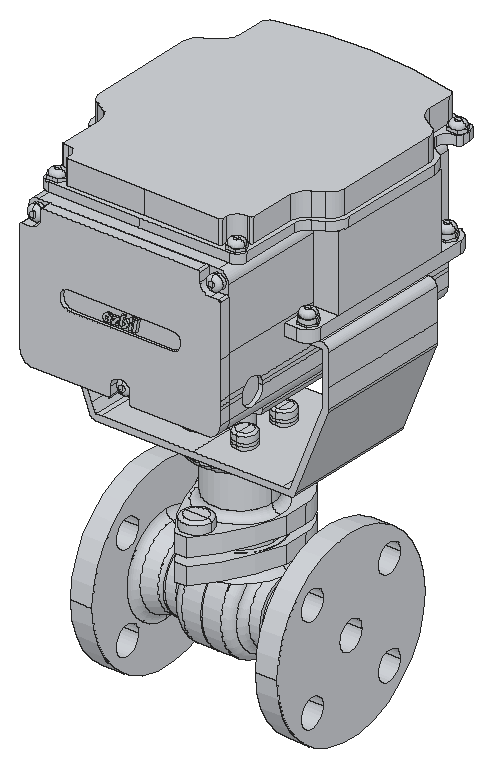
Revit family "電動二方弁_ver2019(ロゴあり)", category 電気設備, Revit 2019
Family settings
  丸型コネクタ寸法 = 直径を使用
  パーツ タイプ = 他のパネル
  OmniClass 番号 = 23.80.30.11.17
  OmniClass タイトル = Distribution Boards and Control Panels
  作業面ベース = いいえ
  常に垂直 = はい
  ロード時にボイドで切り取り = いいえ
  共有 = いいえ
  部屋計算ポイント = いいえ
Parameters
  配線φ(左側) [instance] = 14.031 mm
  配線φ(右側) [instance] = 14.031 mm
  配管φ [instance] = 95 mm
  配管2φ [instance] = 95 mm
  IfcObjectType = ""
  IfcName = ""
  IfcLongName = ""
  IfcExportType = ""
  IfcExportAs = ""
  IfcDescription = ""
Reference planes
  plane 1 "中心(正面/背面)": y = 0
  plane 2: z = 0
  plane 3 "中心(左/右)": x = 0
Forms (mm)
  Extrusion 1, solid
    sketch origin (0, 0, -77.064) x (0, 1, 0) y (0, 0, 1)
      loop
        circle (0, 124.5) r 47.5
    from 45.882 to 56.882
  Extrusion 2, void
    sketch origin (0, 0, -77) x (0, 1, 0) y (0, 0, 1)
      loop
        circle (-24.749, 149.249) r 7.5
    from 45.882 to 56.882
  Extrusion 3, void
    sketch origin (0, 49.497, -77) x (0, 1, 0) y (0, 0, 1)
      loop
        circle (-24.749, 149.249) r 7.5
    from 45.882 to 56.882
  Extrusion 4, void
    sketch origin (0, 0, -126.498) x (0, 1, 0) y (0, 0, 1)
      loop
        circle (-24.749, 149.249) r 7.5
    from 45.882 to 56.882
  Extrusion 5, void
    sketch origin (0, 49.497, -126.498) x (0, 1, 0) y (0, 0, 1)
      loop
        circle (-24.749, 149.249) r 7.5
    from 45.882 to 56.882
  Extrusion 6, void
    sketch origin (0, 24.749, -101.749) x (0, 1, 0) y (0, 0, 1)
      loop
        circle (-24.749, 149.249) r 7.5
    from 45.882 to 56.882
  Extrusion 7, solid
    sketch origin (-95, 0, -77.064) x (0, 1, 0) y (0, 0, 1)
      loop
        circle (0, 124.5) r 47.5
    from 45.882 to 56.882
  Extrusion 8, void
    sketch origin (-95, 0, -77) x (0, 1, 0) y (0, 0, 1)
      loop
        circle (-24.749, 149.249) r 7.5
    from 45.882 to 56.882
  Extrusion 9, solid
    sketch origin (0.118, 0, 0) x (1, 0, 0) y (0, 0, 1)
      loop
        line (-51.618, 196.3) -> (-51.618, 199.5) -> (-66.618, 199.5)
        arc (-66.618, 199.5) -> (-69.235, 198.416) -> (-70.318, 195.8) r 3.7
        line (-70.318, 195.8) -> (-70.318, 179.5) -> (-70.318, 169.594)
        arc (-70.318, 169.594) -> (-70.255, 168.913) -> (-70.068, 168.255) r 3.7
        line (-70.068, 168.255) -> (-53.226, 124.861)
        arc (-53.226, 124.861) -> (-51.866, 123.147) -> (-49.776, 122.5) r 3.7
        line (-49.776, 122.5) -> (49.539, 122.5)
        arc (49.539, 122.5) -> (51.629, 123.147) -> (52.989, 124.861) r 3.7
        line (52.989, 124.861) -> (69.831, 168.255)
        arc (69.831, 168.255) -> (70.018, 168.913) -> (70.082, 169.594) r 3.7
        line (70.082, 169.594) -> (70.082, 179.5) -> (70.082, 195.8)
        arc (70.082, 195.8) -> (68.998, 198.416) -> (66.382, 199.5) r 3.7
        line (66.382, 199.5) -> (51.182, 199.5) -> (51.182, 196.3) -> (66.382, 196.3)
        arc (66.382, 196.3) -> (66.735, 196.154) -> (66.882, 195.8) r 0.5
        line (66.882, 195.8) -> (66.882, 169.5) -> (64.355, 162.99) -> (49.882, 125.7) -> (46.449, 125.7) -> (-0.118, 125.7) -> (-46.686, 125.7) -> (-50.118, 125.7) -> (-51.928, 130.361) -> (-64.592, 162.99) -> (-67.118, 169.5) -> (-67.118, 195.8)
        arc (-67.118, 195.8) -> (-66.972, 196.154) -> (-66.618, 196.3) r 0.5
        line (-66.618, 196.3) -> (-51.618, 196.3)
    from -38.424 to 30.5
  Extrusion 10, solid
    sketch origin (0, -461.789, 0) x (1, 0, 0) y (0, 1, 0)
      loop
        arc (0, 545.194) -> (-22.618, 543.895) -> (-44.938, 540.014) r 197.5
        arc (-44.938, 540.014) -> (-47.717, 538.253) -> (-48.8, 535.145) r 5
        line (-48.8, 535.145) -> (-48.8, 522.279)
        arc (-48.8, 522.279) -> (-50.006, 517.779) -> (-53.3, 514.485) r 9
        line (-53.3, 514.485) -> (-58.8, 511.309)
        arc (-58.8, 511.309) -> (-61.728, 508.381) -> (-62.8, 504.381) r 8
        line (-62.8, 504.381) -> (-62.8, 450.408)
        arc (-62.8, 450.408) -> (-61.728, 446.408) -> (-58.8, 443.479) r 8
        line (-58.8, 443.479) -> (-53.3, 440.304)
        arc (-53.3, 440.304) -> (-50.006, 437.01) -> (-48.8, 432.51) r 9
        line (-48.8, 432.51) -> (-48.8, 409.394)
        arc (-48.8, 409.394) -> (-48.507, 408.687) -> (-47.8, 408.394) r 1
        line (-47.8, 408.394) -> (-46, 408.394)
        arc (-46, 408.394) -> (-41.757, 406.637) -> (-40, 402.394) r 6
        line (-40, 402.394) -> (-40, 400.594)
        arc (-40, 400.594) -> (-39.707, 399.887) -> (-39, 399.594) r 1
        line (-39, 399.594) -> (0, 399.594) -> (39, 399.594)
        arc (39, 399.594) -> (39.707, 399.887) -> (40, 400.594) r 1
        line (40, 400.594) -> (40, 402.394)
        arc (40, 402.394) -> (41.757, 406.637) -> (46, 408.394) r 6
        line (46, 408.394) -> (47.8, 408.394)
        arc (47.8, 408.394) -> (48.507, 408.687) -> (48.8, 409.394) r 1
        line (48.8, 409.394) -> (48.8, 432.51)
        arc (48.8, 432.51) -> (50.006, 437.01) -> (53.3, 440.304) r 9
        line (53.3, 440.304) -> (58.8, 443.479)
        arc (58.8, 443.479) -> (61.728, 446.408) -> (62.8, 450.408) r 8
        line (62.8, 450.408) -> (62.8, 504.381)
        arc (62.8, 504.381) -> (61.728, 508.381) -> (58.8, 511.309) r 8
        line (58.8, 511.309) -> (53.3, 514.485)
        arc (53.3, 514.485) -> (50.006, 517.779) -> (48.8, 522.279) r 9
        line (48.8, 522.279) -> (48.8, 535.145)
        arc (48.8, 535.145) -> (47.717, 538.253) -> (44.938, 540.014) r 5
        arc (44.938, 540.014) -> (22.618, 543.895) -> (0, 545.194) r 197.5
    from 248.5 to 260.5
  Extrusion 11, solid
    sketch origin (0, -461.789, 0) x (1, 0, 0) y (0, 1, 0)
      loop
        arc (0, 547.894) -> (-28.126, 545.907) -> (-55.692, 539.984) r 200
        arc (-55.692, 539.984) -> (-58.298, 538.185) -> (-59.3, 535.182) r 5
        line (-59.3, 535.182) -> (-59.3, 531.092)
        arc (-59.3, 531.092) -> (-58.732, 529.695) -> (-57.35, 529.092) r 2
        arc (-57.35, 529.092) -> (-53.205, 527.284) -> (-51.5, 523.094) r 6
        line (-51.5, 523.094) -> (-51.5, 522.106)
        arc (-51.5, 522.106) -> (-52.304, 519.106) -> (-54.5, 516.909) r 6
        line (-54.5, 516.909) -> (-60.5, 513.445)
        arc (-60.5, 513.445) -> (-64.16, 509.785) -> (-65.5, 504.785) r 10
        line (-65.5, 504.785) -> (-65.5, 450.003)
        arc (-65.5, 450.003) -> (-64.16, 445.003) -> (-60.5, 441.343) r 10
        line (-60.5, 441.343) -> (-55, 438.168)
        arc (-55, 438.168) -> (-52.438, 435.606) -> (-51.5, 432.106) r 7
        line (-51.5, 432.106) -> (-51.5, 401.894)
        arc (-51.5, 401.894) -> (-50.036, 398.359) -> (-46.5, 396.894) r 5
        line (-46.5, 396.894) -> (0, 396.894) -> (46.5, 396.894)
        arc (46.5, 396.894) -> (50.036, 398.359) -> (51.5, 401.894) r 5
        line (51.5, 401.894) -> (51.5, 432.106)
        arc (51.5, 432.106) -> (52.438, 435.606) -> (55, 438.168) r 7
        line (55, 438.168) -> (60.5, 441.343)
        arc (60.5, 441.343) -> (64.16, 445.003) -> (65.5, 450.003) r 10
        line (65.5, 450.003) -> (65.5, 504.785)
        arc (65.5, 504.785) -> (64.16, 509.785) -> (60.5, 513.445) r 10
        line (60.5, 513.445) -> (54.5, 516.909)
        arc (54.5, 516.909) -> (52.304, 519.106) -> (51.5, 522.106) r 6
        line (51.5, 522.106) -> (51.5, 523.094)
        arc (51.5, 523.094) -> (53.205, 527.284) -> (57.35, 529.092) r 6
        arc (57.35, 529.092) -> (58.732, 529.695) -> (59.3, 531.092) r 2
        line (59.3, 531.092) -> (59.3, 535.182)
        arc (59.3, 535.182) -> (58.298, 538.185) -> (55.692, 539.984) r 5
        arc (55.692, 539.984) -> (28.126, 545.907) -> (0, 547.894) r 200
    from 244 to 248.5
  Extrusion 12, solid
    sketch origin (0, -461.789, 0) x (1, 0, 0) y (0, 1, 0)
      loop
        circle (-58, 432.394) r 4.25
    from 206.5 to 208.5
  Extrusion 13, solid
    sketch origin (0, -461.789, 0) x (1, 0, 0) y (0, 1, 0)
      loop
        line (-60.454, 436.644) -> (-62.907, 432.394) -> (-60.454, 428.144) -> (-55.546, 428.144) -> (-53.093, 432.394) -> (-55.546, 436.644) -> (-58, 436.644) -> (-60.454, 436.644)
    from 205.5 to 206.5
  Revolve 14, solid, detail levels fine
    sketch origin (91.963, -59.403, 0) x (1, 0, 0) y (0, 0, 1)
      loop
        arc (-47.868, 252.7) -> (-49.481, 251.883) -> (-49.776, 250.1) r 2
        line (-49.776, 250.1) -> (-46.118, 250.1) -> (-46.118, 252.7) -> (-47.868, 252.7)
      axis (-46.118, 252.7) -> (-46.118, 250.1)
    angle from 0 to 360
  Revolve 15, solid
    sketch origin (-0.037, -59.403, 0) x (1, 0, 0) y (0, 0, 1)
      loop
        arc (-47.868, 252.7) -> (-49.481, 251.883) -> (-49.776, 250.1) r 2
        line (-49.776, 250.1) -> (-46.118, 250.1) -> (-46.118, 252.7) -> (-47.868, 252.7)
      axis (-46.118, 252.7) -> (-46.118, 250.1)
    angle from 0 to 360
  Extrusion 16, solid
    sketch origin (0.118, -20, 0) x (1, 0, 0) y (0, 0, 1)
      loop
        line (-46.13, 233.5) -> (-50.618, 233.5)
        arc (-50.618, 233.5) -> (-51.326, 233.207) -> (-51.618, 232.5) r 1
        line (-51.618, 232.5) -> (-51.618, 206.5) -> (-51.618, 187.2) -> (-51.618, 184.874) -> (-51.618, 182.778) -> (-51.618, 176)
        arc (-51.618, 176) -> (-49.568, 171.05) -> (-44.618, 169) r 7
        line (-44.618, 169) -> (-6.118, 169)
        arc (-6.118, 169) -> (-5.411, 169.293) -> (-5.118, 170) r 1
        line (-5.118, 170) -> (-5.118, 174.5)
        arc (-5.118, 174.5) -> (-3.654, 178.036) -> (-0.118, 179.5) r 5
        arc (-0.118, 179.5) -> (3.417, 178.036) -> (4.882, 174.5) r 5
        line (4.882, 174.5) -> (4.882, 170)
        arc (4.882, 170) -> (5.174, 169.293) -> (5.882, 169) r 1
        line (5.882, 169) -> (44.382, 169)
        arc (44.382, 169) -> (49.331, 171.05) -> (51.382, 176) r 7
        line (51.382, 176) -> (51.382, 182.778) -> (51.382, 184.874) -> (51.382, 187.2) -> (51.382, 206.5) -> (51.382, 232.5)
        arc (51.382, 232.5) -> (51.089, 233.207) -> (50.382, 233.5) r 1
        line (50.382, 233.5) -> (45.893, 233.5)
        arc (45.893, 233.5) -> (42.358, 234.965) -> (40.893, 238.5) r 5
        line (40.893, 238.5) -> (40.893, 243)
        arc (40.893, 243) -> (40.601, 243.707) -> (39.893, 244) r 1
        line (39.893, 244) -> (-40.13, 244)
        arc (-40.13, 244) -> (-40.838, 243.707) -> (-41.13, 243) r 1
        line (-41.13, 243) -> (-41.13, 238.5)
        arc (-41.13, 238.5) -> (-42.595, 234.965) -> (-46.13, 233.5) r 5
    from 51.5 to 57
  Extrusion 17, solid
    sketch origin (0, 0, 0) x (1, 0, 0) y (0, 0, 1)
      loop
        line (-13.607, 161) -> (-13.607, 139.5) -> (-0.118, 139.5) -> (13.607, 139.5) -> (13.607, 161) -> (-0.118, 161) -> (-13.607, 161)
    from -13.607 to 13.607
  Revolve 18, solid
    sketch origin (0, 0, 0) x (0, 1, 0) y (0, 0, 1)
      loop
        line (-6, 137.956) -> (-6.5, 137.09) -> (-6.5, 125.7) -> (0, 125.7) -> (0, 137.956) -> (-6, 137.956)
      axis (0, 137.956) -> (0, 125.7)
    angle from 0 to 360
  Revolve 19, solid
    sketch origin (-12.5, 0, 0) x (0, 1, 0) y (0, 0, 1)
      loop
        arc (-16.752, 132.9) -> (-17.541, 132.594) -> (-18.025, 131.9) r 1.452
        line (-18.025, 131.9) -> (-18.025, 128.9) -> (-12.5, 128.9) -> (-12.5, 132.9) -> (-16.752, 132.9)
      axis (-12.5, 132.9) -> (-12.5, 128.9)
    angle from 0 to 360
  Extrusion 20, solid, detail levels fine
    sketch origin (103.688, -491.798, 0) x (1, 0, 0) y (0, 1, 0)
      loop
        line (-60.731, 436.165) -> (-62.907, 432.394) -> (-60.775, 428.7) -> (-55.225, 428.7) -> (-53.093, 432.394) -> (-55.269, 436.165) -> (-58, 436.165) -> (-60.731, 436.165)
    from 248.5 to 250.1
  Extrusion 21, solid
    sketch origin (11.688, -491.798, 0) x (1, 0, 0) y (0, 1, 0)
      loop
        line (-60.731, 436.165) -> (-62.907, 432.394) -> (-60.775, 428.7) -> (-55.225, 428.7) -> (-53.093, 432.394) -> (-55.269, 436.165) -> (-58, 436.165) -> (-60.731, 436.165)
    from 248.5 to 250.1
  Extrusion 22, solid
    sketch origin (0, 0, 0) x (1, 0, 0) y (0, 0, 1)
      loop
        arc (51.382, 238.7) -> (49.829, 242.448) -> (46.082, 244) r 5.3
        line (46.082, 244) -> (-46.318, 244)
        arc (-46.318, 244) -> (-50.066, 242.448) -> (-51.618, 238.7) r 5.3
        line (-51.618, 238.7) -> (-51.618, 206.5) -> (-51.618, 187.2) -> (-51.618, 184.874) -> (-51.618, 182.778) -> (-51.618, 176)
        arc (-51.618, 176) -> (-49.568, 171.05) -> (-44.618, 169) r 7
        line (-44.618, 169) -> (-0.118, 169) -> (44.382, 169)
        arc (44.382, 169) -> (49.331, 171.05) -> (51.382, 176) r 7
        line (51.382, 176) -> (51.382, 182.778) -> (51.382, 184.874) -> (51.382, 187.2) -> (51.382, 206.5) -> (51.382, 238.7)
    from -69.008 to 71.5
  Extrusion 23, solid, detail levels medium+fine
    sketch origin (0, 0, 0) x (1, 0, 0) y (0, 0, 1)
      loop
        arc (-56.98, 162.726) -> (-58.567, 164.386) -> (-60.863, 164.437) r 3
        line (-60.863, 164.437) -> (-64.592, 162.99) -> (-51.928, 130.361) -> (-48.199, 131.809)
        arc (-48.199, 131.809) -> (-46.539, 133.395) -> (-46.487, 135.691) r 3
        line (-46.487, 135.691) -> (-56.98, 162.726)
    from -4.258 to 4.152
  Revolve 24, solid
    sketch origin (0, 0, 0) x (1, 0, 0) y (0, 0, 1)
      loop
        line (-27.754, 65.728) -> (-34.829, 68.303)
        arc (-34.829, 68.303) -> (-37.214, 70.133) -> (-38.118, 73.001) r 5
        line (-38.118, 73.001) -> (-38.118, 47.5) -> (-24.643, 47.5) -> (-24.643, 65.897)
        arc (-24.643, 65.897) -> (-26.18, 65.505) -> (-27.754, 65.728) r 4
      axis (-38.118, 47.5) -> (-24.643, 47.5)
    angle from 0 to 360
  Revolve 25, solid
    sketch origin (0, 0, 0) x (1, 0, 0) y (0, 0, 1)
      loop
        line (45.882, 47.5) -> (24.643, 47.5) -> (24.643, 30.5) -> (31.652, 30.5) -> (38.006, 30.5)
        arc (38.006, 30.5) -> (40.717, 30.126) -> (43.224, 29.03) r 10
        arc (43.224, 29.03) -> (45.166, 27.191) -> (45.882, 24.613) r 5
        line (45.882, 24.613) -> (45.882, 47.5)
      axis (24.643, 47.5) -> (45.882, 47.5)
    angle from 0 to 360
  Revolve 26, solid
    sketch origin (0, 0, 0) x (1, 0, 0) y (0, 0, 1)
      loop
        line (-24.643, 47.5) -> (-24.643, 29.5) -> (-18.893, 29.5)
        arc (-18.893, 29.5) -> (-16.399, 28.627) -> (-14.994, 26.389) r 4
        arc (-14.994, 26.389) -> (-13.237, 23.591) -> (-10.118, 22.5) r 5
        line (-10.118, 22.5) -> (0, 22.5) -> (0, 47.5) -> (-24.643, 47.5)
      axis (0, 47.5) -> (-24.643, 47.5)
    angle from 0 to 360
  Revolve 27, solid
    sketch origin (0, 0, 0) x (-1, 0, 0) y (0, 0, 1)
      loop
        line (-24.643, 47.5) -> (-24.643, 29.5) -> (-18.893, 29.5)
        arc (-18.893, 29.5) -> (-16.399, 28.627) -> (-14.994, 26.389) r 4
        arc (-14.994, 26.389) -> (-13.237, 23.591) -> (-10.118, 22.5) r 5
        line (-10.118, 22.5) -> (0, 22.5) -> (0, 47.5) -> (-24.643, 47.5)
      axis (0, 47.5) -> (-24.643, 47.5)
    angle from 0 to 360
  Revolve 28, solid
    sketch origin (-12.5, 0, 0) x (0, 1, 0) y (0, 0, 1)
      loop
        line (-18.025, 128.9) -> (-18.025, 127.3) -> (-18.025, 125.7) -> (-12.5, 125.7) -> (-12.5, 128.9) -> (-18.025, 128.9)
      axis (-12.5, 128.9) -> (-12.5, 125.7)
    angle from 0 to 360
  Revolve 29, solid
    sketch origin (-12.5, 25, 0) x (0, 1, 0) y (0, 0, 1)
      loop
        arc (-16.752, 132.9) -> (-17.541, 132.594) -> (-18.025, 131.9) r 1.452
        line (-18.025, 131.9) -> (-18.025, 128.9) -> (-12.5, 128.9) -> (-12.5, 132.9) -> (-16.752, 132.9)
      axis (-12.5, 132.9) -> (-12.5, 128.9)
    angle from 0 to 360
  Revolve 30, solid
    sketch origin (-12.5, 25, 0) x (0, 1, 0) y (0, 0, 1)
      loop
        line (-18.025, 128.9) -> (-18.025, 127.3) -> (-18.025, 125.7) -> (-12.5, 125.7) -> (-12.5, 128.9) -> (-18.025, 128.9)
      axis (-12.5, 128.9) -> (-12.5, 125.7)
    angle from 0 to 360
  Revolve 31, solid
    sketch origin (12.5, 0, 0) x (0, 1, 0) y (0, 0, 1)
      loop
        arc (-16.752, 132.9) -> (-17.541, 132.594) -> (-18.025, 131.9) r 1.452
        line (-18.025, 131.9) -> (-18.025, 128.9) -> (-12.5, 128.9) -> (-12.5, 132.9) -> (-16.752, 132.9)
      axis (-12.5, 132.9) -> (-12.5, 128.9)
    angle from 0 to 360
  Revolve 32, solid
    sketch origin (12.5, 0, 0) x (0, 1, 0) y (0, 0, 1)
      loop
        line (-18.025, 128.9) -> (-18.025, 127.3) -> (-18.025, 125.7) -> (-12.5, 125.7) -> (-12.5, 128.9) -> (-18.025, 128.9)
      axis (-12.5, 128.9) -> (-12.5, 125.7)
    angle from 0 to 360
  Revolve 33, solid
    sketch origin (12.5, 25, 0) x (0, 1, 0) y (0, 0, 1)
      loop
        arc (-16.752, 132.9) -> (-17.541, 132.594) -> (-18.025, 131.9) r 1.452
        line (-18.025, 131.9) -> (-18.025, 128.9) -> (-12.5, 128.9) -> (-12.5, 132.9) -> (-16.752, 132.9)
      axis (-12.5, 132.9) -> (-12.5, 128.9)
    angle from 0 to 360
  Revolve 34, solid
    sketch origin (12.5, 25, 0) x (0, 1, 0) y (0, 0, 1)
      loop
        line (-18.025, 128.9) -> (-18.025, 127.3) -> (-18.025, 125.7) -> (-12.5, 125.7) -> (-12.5, 128.9) -> (-18.025, 128.9)
      axis (-12.5, 128.9) -> (-12.5, 125.7)
    angle from 0 to 360
  Revolve 35, solid
    sketch origin (0, 0, 0) x (1, 0, 0) y (0, 0, 1)
      loop
        line (-4.75, 139.5) -> (-4.75, 137.956) -> (0, 137.956) -> (0, 139.5) -> (-4.75, 139.5)
      axis (0, 139.5) -> (0, 137.956)
    angle from 0 to 360
  Revolve 36, solid
    sketch origin (0, 0, 0) x (1, 0, 0) y (0, 0, 1)
      loop
        line (0, 77) -> (-20, 77) -> (-20, 73.103)
        arc (-20, 73.103) -> (-21.527, 68.402) -> (-25.524, 65.495) r 8
        line (-25.524, 65.495) -> (-18.847, 65.495)
        arc (-18.847, 65.495) -> (-16.351, 66.373) -> (-14.953, 68.62) r 3.988
        arc (-14.953, 68.62) -> (-13.31, 71.404) -> (-10.268, 72.5) r 4.769
        line (-10.268, 72.5) -> (0, 72.5) -> (0, 77)
      axis (0, 77) -> (0, 65.495)
    angle from 0 to 360
  Extrusion 37, solid
    sketch origin (0, 0, 0) x (1, 0, 0) y (0, 0, 1)
      loop
        line (-47, 169.152) -> (-47, 167.5)
        arc (-47, 167.5) -> (-46.121, 165.379) -> (-44, 164.5) r 3
        line (-44, 164.5) -> (44, 164.5)
        arc (44, 164.5) -> (46.121, 165.379) -> (47, 167.5) r 3
        line (47, 167.5) -> (47, 169.462)
        arc (47, 169.462) -> (45.784, 169.119) -> (44.525, 169) r 7
        line (44.525, 169) -> (-42.442, 169)
        arc (-42.442, 169) -> (-44.734, 168.695) -> (-47, 169.152) r 7
    from -44 to 44
  Revolve 38, solid
    sketch origin (0, -28, 0) x (1, 0, 0) y (0, 0, 1)
      loop
        line (0, 95.717) -> (-5.688, 95.717)
        arc (-5.688, 95.717) -> (-6.779, 95.427) -> (-7.583, 94.633) r 2.201
        line (-7.583, 94.633) -> (-7.583, 90.3) -> (0, 90.3) -> (0, 95.717)
      axis (0, 95.717) -> (0, 90.3)
    angle from 0 to 360
  Revolve 39, solid
    sketch origin (0, 0, 0) x (1, 0, 0) y (0, 0, 1)
      loop
        arc (-18.5, 115.3) -> (-17.086, 114.714) -> (-16.5, 113.3) r 2
        line (-16.5, 113.3) -> (-16.5, 94.3)
        arc (-16.5, 94.3) -> (-17.672, 91.472) -> (-20.5, 90.3) r 4
        line (-20.5, 90.3) -> (0, 90.3) -> (0, 115.3) -> (-18.5, 115.3)
      axis (0, 90.3) -> (0, 115.3)
    angle from 0 to 360
  Revolve 40, solid, detail levels fine
    sketch origin (0, 0, 0) x (1, 0, 0) y (0, 0, 1)
      loop
        line (-4, 81.3) -> (-4, 77) -> (0, 77) -> (0, 81.3) -> (-4, 81.3)
      axis (0, 77) -> (0, 81.3)
    angle from 0 to 360
  Extrusion 41, solid
    sketch origin (0, -461.789, 210) x (1, 0, 0) y (0, 1, 0)
      loop
        line (65, 432.394) -> (65, 522.394)
        arc (65, 522.394) -> (63.715, 526.436) -> (60.333, 528.994) r 7
        arc (60.333, 528.994) -> (59.578, 529.473) -> (59.107, 530.234) r 2
        arc (59.107, 530.234) -> (58.39, 529.415) -> (57.35, 529.092) r 2
        arc (57.35, 529.092) -> (53.205, 527.284) -> (51.5, 523.094) r 6
        line (51.5, 523.094) -> (51.5, 425.394) -> (58, 425.394)
        arc (58, 425.394) -> (62.95, 427.445) -> (65, 432.394) r 7
    from -10.5 to -4.5
  Extrusion 42, solid
    sketch origin (0, -461.789, 210) x (-1, 0, 0) y (0, -1, 0)
      loop
        arc (65, -432.394) -> (62.95, -427.445) -> (58, -425.394) r 7
        line (58, -425.394) -> (51.5, -425.394) -> (51.5, -523.094)
        arc (51.5, -523.094) -> (53.205, -527.284) -> (57.35, -529.092) r 6
        arc (57.35, -529.092) -> (58.39, -529.415) -> (59.107, -530.234) r 2
        arc (59.107, -530.234) -> (59.578, -529.473) -> (60.333, -528.994) r 2
        arc (60.333, -528.994) -> (63.715, -526.436) -> (65, -522.394) r 7
        line (65, -522.394) -> (65, -432.394)
    from -10.5 to -4.5
  Extrusion 43, solid, detail levels medium+fine
    sketch origin (0, 0, 0) x (-1, 0, 0) y (0, 0, -1)
      loop
        line (-56.98, -162.726) -> (-46.487, -135.691)
        arc (-46.487, -135.691) -> (-46.539, -133.395) -> (-48.199, -131.809) r 3
        line (-48.199, -131.809) -> (-51.928, -130.361) -> (-64.592, -162.99) -> (-60.863, -164.437)
        arc (-60.863, -164.437) -> (-58.567, -164.386) -> (-56.98, -162.726) r 3
    from -4.258 to 4.152
  Extrusion 44, solid
    sketch origin (0, 0, 0) x (1, 0, 0) y (0, 0, 1)
      loop
        line (-28.5, 161) -> (28.5, 161) -> (28.5, 161.788) -> (-28.5, 161.788) -> (-28.5, 161)
    from -28.5 to 28.511
  Revolve 45, solid
    sketch origin (0, -30, 0) x (1, 0, 0) y (0, 0, 1)
      loop
        line (-60.5, 199.5) -> (-60.5, 197.236) -> (-58.25, 197.236) -> (-58.25, 199.5) -> (-60.5, 199.5)
      axis (-58.25, 199.5) -> (-58.25, 197.236)
    angle from 0 to 360
  Revolve 46, solid
    sketch origin (0, 60, 0) x (1, 0, 0) y (0, 0, 1)
      loop
        line (-60.5, 199.5) -> (-60.5, 197.236) -> (-58.25, 197.236) -> (-58.25, 199.5) -> (-60.5, 199.5)
      axis (-58.25, 199.5) -> (-58.25, 197.236)
    angle from 0 to 360
  Revolve 47, solid
    sketch origin (116.875, -30, 0) x (1, 0, 0) y (0, 0, 1)
      loop
        line (-60.5, 199.5) -> (-60.5, 197.236) -> (-58.25, 197.236) -> (-58.25, 199.5) -> (-60.5, 199.5)
      axis (-58.25, 199.5) -> (-58.25, 197.236)
    angle from 0 to 360
  Revolve 48, solid
    sketch origin (116.875, 60, 0) x (1, 0, 0) y (0, 0, 1)
      loop
        line (-60.5, 199.5) -> (-60.5, 197.236) -> (-58.25, 197.236) -> (-58.25, 199.5) -> (-60.5, 199.5)
      axis (-58.25, 199.5) -> (-58.25, 197.236)
    angle from 0 to 360
  Extrusion 49, solid
    sketch origin (-364.746, -162.773, 80.3) x (1, 0, 0) y (0, 1, 0)
      loop
        arc (341.746, 163.987) -> (349.545, 143.272) -> (361.7, 124.773) r 100.225
        line (361.7, 124.773) -> (367.792, 124.773)
        arc (367.792, 124.773) -> (379.948, 143.272) -> (387.746, 163.987) r 100.225
        line (387.746, 163.987) -> (387.746, 176.305)
        arc (387.746, 176.305) -> (383.257, 189.309) -> (371.7, 196.773) r 21.077
        line (371.7, 196.773) -> (357.792, 196.773)
        arc (357.792, 196.773) -> (346.236, 189.309) -> (341.746, 176.305) r 21.077
        line (341.746, 176.305) -> (341.746, 163.987)
    from 1 to 10
  Revolve 50, solid
    sketch origin (0, 0, 0) x (1, 0, 0) y (0, 0, 1)
      loop
        line (-25, 122.5) -> (-25, 117.3)
        arc (-25, 117.3) -> (-24.414, 115.886) -> (-23, 115.3) r 2
        line (-23, 115.3) -> (0, 115.3) -> (0, 122.5) -> (-25, 122.5)
      axis (0, 115.3) -> (0, 122.5)
    angle from 0 to 360
  Extrusion 51, solid
    sketch origin (-364.746, -162.773, 67) x (1, 0, 0) y (0, 1, 0)
      loop
        arc (341.746, 163.987) -> (349.545, 143.272) -> (361.7, 124.773) r 100.225
        line (361.7, 124.773) -> (367.792, 124.773)
        arc (367.792, 124.773) -> (379.948, 143.272) -> (387.746, 163.987) r 100.225
        line (387.746, 163.987) -> (387.746, 176.305)
        arc (387.746, 176.305) -> (383.257, 189.309) -> (371.7, 196.773) r 21.077
        line (371.7, 196.773) -> (357.792, 196.773)
        arc (357.792, 196.773) -> (346.236, 189.309) -> (341.746, 176.305) r 21.077
        line (341.746, 176.305) -> (341.746, 163.987)
    from 1 to 10
  Revolve 52, solid, detail levels medium+fine
    sketch origin (-13.227, 0, 0) x (1, 0, 0) y (0, 0, 1)
      loop
        line (-4.273, 81.3) -> (-4.273, 77) -> (13.227, 77) -> (13.227, 81.3) -> (-4.273, 81.3)
      axis (13.227, 77) -> (13.227, 81.3)
    angle from 0 to 360
  Extrusion 53, void
    sketch origin (-95, 49.497, -77) x (0, 1, 0) y (0, 0, 1)
      loop
        circle (-24.749, 149.249) r 7.5
    from 45.882 to 56.882
  Extrusion 54, void
    sketch origin (-95, 49.497, -126.498) x (0, 1, 0) y (0, 0, 1)
      loop
        circle (-24.749, 149.249) r 7.5
    from 45.882 to 56.882
  Extrusion 55, void
    sketch origin (0, 0, -126.498) x (0, 1, 0) y (0, 0, 1)
      loop
        circle (-24.749, 149.249) r 7.5
    from 45.882 to 56.882
  Extrusion 56, void
    sketch origin (-95, 0, -126.498) x (0, 1, 0) y (0, 0, 1)
      loop
        circle (-24.749, 149.249) r 7.5
    from 45.882 to 56.882
  Extrusion 57, void
    sketch origin (-95, 24.749, -101.749) x (0, 1, 0) y (0, 0, 1)
      loop
        circle (-24.749, 149.249) r 7.5
    from 45.882 to 56.882
  Revolve 58, solid
    sketch origin (-46.056, 5.5, 0) x (0, 1, 0) y (0, 0, 1)
      loop
        arc (-78.6, 242.158) -> (-80.383, 241.863) -> (-81.2, 240.25) r 2
        line (-81.2, 240.25) -> (-81.2, 238.5) -> (-78.6, 238.5) -> (-78.6, 242.158)
      axis (-78.6, 238.5) -> (-81.2, 238.5)
    angle from 0 to 360
  Revolve 59, solid
    sketch origin (-46.014, 5.5, 0) x (0, 1, 0) y (0, 0, 1)
      loop
        line (-78.6, 242.25) -> (-78.6, 238.5) -> (-77, 238.5) -> (-77, 242.25) -> (-78.6, 242.25)
      axis (-78.6, 238.5) -> (-77, 238.5)
    angle from 0 to 360
  Revolve 60, solid
    sketch origin (45.944, 5.5, 0) x (0, 1, 0) y (0, 0, 1)
      loop
        arc (-78.6, 242.158) -> (-80.383, 241.863) -> (-81.2, 240.25) r 2
        line (-81.2, 240.25) -> (-81.2, 238.5) -> (-78.6, 238.5) -> (-78.6, 242.158)
      axis (-78.6, 238.5) -> (-81.2, 238.5)
    angle from 0 to 360
  Revolve 61, solid
    sketch origin (45.986, 5.5, 0) x (0, 1, 0) y (0, 0, 1)
      loop
        line (-78.6, 242.25) -> (-78.6, 238.5) -> (-77, 238.5) -> (-77, 242.25) -> (-78.6, 242.25)
      axis (-78.6, 238.5) -> (-77, 238.5)
    angle from 0 to 360
  Revolve 62, solid
    sketch origin (-0.056, 5.5, -64) x (0, 1, 0) y (0, 0, 1)
      loop
        arc (-78.6, 242.158) -> (-80.383, 241.863) -> (-81.2, 240.25) r 2
        line (-81.2, 240.25) -> (-81.2, 238.5) -> (-78.6, 238.5) -> (-78.6, 242.158)
      axis (-78.6, 238.5) -> (-81.2, 238.5)
    angle from 0 to 360
  Revolve 63, solid
    sketch origin (-0.014, 5.5, -64) x (0, 1, 0) y (0, 0, 1)
      loop
        line (-78.6, 242.25) -> (-78.6, 238.5) -> (-77, 238.5) -> (-77, 242.25) -> (-78.6, 242.25)
      axis (-78.6, 238.5) -> (-77, 238.5)
    angle from 0 to 360
  Extrusion 64, solid
    sketch origin (0, 0, 0) x (1, 0, 0) y (0, 0, 1)
      loop
        line (-65, 244) -> (-65, 205.5) -> (-51.618, 205.5) -> (-51.618, 238.7)
        arc (-51.618, 238.7) -> (-50.066, 242.448) -> (-46.318, 244) r 5.3
        line (-46.318, 244) -> (-65, 244)
    from -47.676 to 17.676
  Extrusion 65, solid
    sketch origin (0, 0, 0) x (-1, 0, 0) y (0, 0, -1)
      loop
        line (-65, -244) -> (-46.318, -244)
        arc (-46.318, -244) -> (-50.066, -242.448) -> (-51.618, -238.7) r 5.3
        line (-51.618, -238.7) -> (-51.618, -205.5) -> (-65, -205.5) -> (-65, -244)
    from -47.676 to 17.676
  Extrusion 66, solid
    sketch origin (0, -80.547, 0) x (1, 0, 0) y (0, 0, 1)
      loop
        line (2.028, 209.479) -> (0.657, 209.479) -> (-0.164, 205.244)
        arc (-0.164, 205.244) -> (-0.148, 204.505) -> (0.171, 203.837) r 1.754
        arc (0.171, 203.837) -> (1.022, 203.478) -> (1.944, 203.525) r 2.069
        arc (1.944, 203.525) -> (3.516, 204.557) -> (4.213, 206.303) r 3.13
        arc (4.213, 206.303) -> (3.45, 207.476) -> (2.05, 207.488) r 1.479
        line (2.05, 207.488) -> (1.419, 206.337) -> (2.028, 209.479)
      loop
        line (7.636, 209.479) -> (6.586, 203.521) -> (7.957, 203.521) -> (9.008, 209.479) -> (7.636, 209.479)
      loop
        line (5.782, 203.521) -> (6.389, 206.963)
        arc (6.389, 206.963) -> (5.696, 206.683) -> (4.953, 206.603) r 2.712
        line (4.953, 206.603) -> (4.41, 203.521) -> (5.782, 203.521)
      loop
        line (-4.41, 203.521) -> (-0.981, 203.521) -> (-0.781, 204.656) -> (-2.4, 204.656) -> (-0.508, 206.642) -> (-0.342, 207.493) -> (-3.677, 207.493) -> (-3.877, 206.358) -> (-2.297, 206.358) -> (-4.254, 204.401) -> (-4.41, 203.521)
      loop
        arc (-4.811, 205.09) -> (-4.628, 206.587) -> (-5.775, 207.566) r 1.594
        arc (-5.775, 207.566) -> (-7.883, 206.92) -> (-8.997, 205.017) r 3.033
        arc (-8.997, 205.017) -> (-8.305, 203.731) -> (-6.863, 203.502) r 1.646
        line (-6.863, 203.502) -> (-6.23, 204.656) -> (-6.372, 203.521) -> (-4.978, 203.521)
        arc (-4.978, 203.521) -> (-4.916, 204.308) -> (-4.811, 205.09) r 14.52
      loop
        spline (4.823, 207.767) -> (4.981, 207.669) -> (5.188, 207.637) -> (5.429, 207.673) -> (5.689, 207.775) -> (5.949, 207.936) -> (6.192, 208.146) -> (6.401, 208.389) -> (6.562, 208.649) -> (6.665, 208.909) -> (6.701, 209.15) -> (6.669, 209.357) -> (6.571, 209.514)
        spline (6.571, 209.514) -> (6.413, 209.613) -> (6.206, 209.645) -> (5.965, 209.609) -> (5.705, 209.506) -> (5.445, 209.345) -> (5.202, 209.136) -> (4.993, 208.893) -> (4.831, 208.632) -> (4.729, 208.373) -> (4.693, 208.131) -> (4.725, 207.925) -> (4.823, 207.767)
    from -4.5 to -3.547
  Extrusion 67, void
    sketch origin (0.074, -80.21, 0) x (1, 0, 0) y (0, 0, 1)
      loop
        spline (-7.641, 204.685) -> (-7.501, 204.603) -> (-7.315, 204.582) -> (-7.094, 204.626) -> (-6.854, 204.73) -> (-6.611, 204.887) -> (-6.381, 205.088) -> (-6.181, 205.318) -> (-6.023, 205.561) -> (-5.919, 205.801) -> (-5.875, 206.022) -> (-5.896, 206.208) -> (-5.978, 206.347)
        spline (-5.978, 206.347) -> (-6.117, 206.43) -> (-6.304, 206.45) -> (-6.525, 206.407) -> (-6.765, 206.303) -> (-7.008, 206.145) -> (-7.238, 205.945) -> (-7.438, 205.715) -> (-7.596, 205.472) -> (-7.7, 205.231) -> (-7.743, 205.011) -> (-7.723, 204.824) -> (-7.641, 204.685)
      loop
        spline (1.155, 204.646) -> (1.294, 204.563) -> (1.48, 204.543) -> (1.701, 204.587) -> (1.941, 204.691) -> (2.184, 204.848) -> (2.414, 205.049) -> (2.615, 205.278) -> (2.772, 205.522) -> (2.876, 205.762) -> (2.92, 205.983) -> (2.899, 206.169) -> (2.817, 206.308)
        spline (2.817, 206.308) -> (2.678, 206.391) -> (2.491, 206.411) -> (2.27, 206.368) -> (2.03, 206.264) -> (1.787, 206.106) -> (1.557, 205.906) -> (1.357, 205.676) -> (1.199, 205.433) -> (1.095, 205.192) -> (1.052, 204.972) -> (1.072, 204.785) -> (1.155, 204.646)
    from -4.163 to -2.257
  Extrusion 68, void
    sketch origin (290.159, 0, 0) x (1, 0, 0) y (0, 0, 1)
      loop
        line (-264, 211.5) -> (-316, 211.5)
        arc (-316, 211.5) -> (-321, 206.5) -> (-316, 201.5) r 5
        line (-316, 201.5) -> (-264, 201.5)
        arc (-264, 201.5) -> (-259, 206.5) -> (-264, 211.5) r 5
    from 75.124 to 77
  Revolve 69, solid
    sketch origin (-11.91, -29.395, -41.6) x (1, 0, 0) y (0, 0, 1)
      loop
        arc (-47.868, 253.422) -> (-49.691, 252.245) -> (-49.37, 250.1) r 2
        line (-49.37, 250.1) -> (-46.118, 250.1) -> (-46.118, 253.422) -> (-47.868, 253.422)
      axis (-46.118, 253.422) -> (-46.118, 250.1)
    angle from 0 to 360
  Extrusion 70, solid
    sketch origin (0, -372.414, 0) x (1, 0, 0) y (0, 1, 0)
      loop
        circle (-58, 432.394) r 4.25
    from 206.5 to 208.5
  Extrusion 71, solid
    sketch origin (0, -372.414, 0) x (1, 0, 0) y (0, 1, 0)
      loop
        line (-60.454, 436.644) -> (-62.907, 432.394) -> (-60.454, 428.144) -> (-55.546, 428.144) -> (-53.093, 432.394) -> (-55.546, 436.644) -> (-58, 436.644) -> (-60.454, 436.644)
    from 205.5 to 206.5
  Revolve 72, solid
    sketch origin (-11.91, 59.98, -41.6) x (1, 0, 0) y (0, 0, 1)
      loop
        arc (-47.868, 253.422) -> (-49.691, 252.245) -> (-49.37, 250.1) r 2
        line (-49.37, 250.1) -> (-46.118, 250.1) -> (-46.118, 253.422) -> (-47.868, 253.422)
      axis (-46.118, 253.422) -> (-46.118, 250.1)
    angle from 0 to 360
  Extrusion 73, solid
    sketch origin (116.5, -461.789, 0) x (1, 0, 0) y (0, 1, 0)
      loop
        circle (-58, 432.394) r 4.25
    from 206.5 to 208.5
  Extrusion 74, solid
    sketch origin (116.5, -461.789, 0) x (1, 0, 0) y (0, 1, 0)
      loop
        line (-60.454, 436.644) -> (-62.907, 432.394) -> (-60.454, 428.144) -> (-55.546, 428.144) -> (-53.093, 432.394) -> (-55.546, 436.644) -> (-58, 436.644) -> (-60.454, 436.644)
    from 205.5 to 206.5
  Revolve 75, solid
    sketch origin (104.59, -29.395, -41.6) x (1, 0, 0) y (0, 0, 1)
      loop
        arc (-47.868, 253.422) -> (-49.691, 252.245) -> (-49.37, 250.1) r 2
        line (-49.37, 250.1) -> (-46.118, 250.1) -> (-46.118, 253.422) -> (-47.868, 253.422)
      axis (-46.118, 253.422) -> (-46.118, 250.1)
    angle from 0 to 360
  Extrusion 76, solid
    sketch origin (116.5, -372.414, 0) x (1, 0, 0) y (0, 1, 0)
      loop
        circle (-58, 432.394) r 4.25
    from 206.5 to 208.5
  Extrusion 77, solid
    sketch origin (116.5, -372.414, 0) x (1, 0, 0) y (0, 1, 0)
      loop
        line (-60.454, 436.644) -> (-62.907, 432.394) -> (-60.454, 428.144) -> (-55.546, 428.144) -> (-53.093, 432.394) -> (-55.546, 436.644) -> (-58, 436.644) -> (-60.454, 436.644)
    from 205.5 to 206.5
  Revolve 78, solid
    sketch origin (104.59, 59.98, -41.6) x (1, 0, 0) y (0, 0, 1)
      loop
        arc (-47.868, 253.422) -> (-49.691, 252.245) -> (-49.37, 250.1) r 2
        line (-49.37, 250.1) -> (-46.118, 250.1) -> (-46.118, 253.422) -> (-47.868, 253.422)
      axis (-46.118, 253.422) -> (-46.118, 250.1)
    angle from 0 to 360
  Revolve 79, solid
    sketch origin (100.713, 71.847, 0) x (1, 0, 0) y (0, 0, 1)
      loop
        arc (-47.868, 252.7) -> (-49.481, 251.883) -> (-49.776, 250.1) r 2
        line (-49.776, 250.1) -> (-46.118, 250.1) -> (-46.118, 252.7) -> (-47.868, 252.7)
      axis (-46.118, 252.7) -> (-46.118, 250.1)
    angle from 0 to 360
  Revolve 80, solid
    sketch origin (-7.537, 71.847, 0) x (1, 0, 0) y (0, 0, 1)
      loop
        arc (-47.868, 252.7) -> (-49.481, 251.883) -> (-49.776, 250.1) r 2
        line (-49.776, 250.1) -> (-46.118, 250.1) -> (-46.118, 252.7) -> (-47.868, 252.7)
      axis (-46.118, 252.7) -> (-46.118, 250.1)
    angle from 0 to 360
  Extrusion 81, solid
    sketch origin (112.438, -360.548, 0) x (1, 0, 0) y (0, 1, 0)
      loop
        line (-60.731, 436.165) -> (-62.907, 432.394) -> (-60.775, 428.7) -> (-55.225, 428.7) -> (-53.093, 432.394) -> (-55.269, 436.165) -> (-58, 436.165) -> (-60.731, 436.165)
    from 248.5 to 250.1
  Extrusion 82, solid
    sketch origin (4.188, -360.548, 0) x (1, 0, 0) y (0, 1, 0)
      loop
        line (-60.731, 436.165) -> (-62.907, 432.394) -> (-60.775, 428.7) -> (-55.225, 428.7) -> (-53.093, 432.394) -> (-55.269, 436.165) -> (-58, 436.165) -> (-60.731, 436.165)
    from 248.5 to 250.1
  Extrusion 83, void
    sketch origin (0, 0, 0.741) x (0, 1, 0) y (0, 0, 1)
      loop
        circle (-56.39, 182.041) r 7.015
    from -51.618 to -48.8
  Extrusion 84, void
    sketch origin (0, 0, 0.741) x (0, 1, 0) y (0, 0, -1)
      loop
        circle (-56.39, -182.041) r 7.015
    from -51.618 to -48.8
Cuts and joins
  Extrusion 2, Extrusion 3, Extrusion 4, Extrusion 5, Extrusion 6, Extrusion 8, Extrusion 55 cuts Extrusion 1
  Extrusion 8, Extrusion 53, Extrusion 54, Extrusion 56, Extrusion 57 cuts Extrusion 7
  Extrusion 67, Extrusion 68 cuts Extrusion 16
  Extrusion 67 cuts Extrusion 66
  Extrusion 83, Extrusion 84 cuts Extrusion 22
Text (mm)
  text "100" at (1274.735, 860.036, 0), in view "参照レベル"
  text "0" at (1249.231, 860.036, 0), in view "参照レベル"
  text "82" at (1044.561, 945.199, 0), in view "参照レベル"
  text "85" at (1127.811, 945.199, 0), in view "参照レベル"
Dimensions and locks
  "配管φ": diameter of Extrusion 1 sketch curve
  "配管2φ": diameter of Extrusion 7 sketch curve
  "配線φ(左側)": diameter of Extrusion 83 sketch curve
  "配線φ(右側)": diameter of Extrusion 84 sketch curve
  aligned and locked: level to plane 2
  aligned and locked: Extrusion 1 to Extrusion 2  (x2)
  aligned and locked: Extrusion 7 to Extrusion 8  (x2)
  aligned and locked: Extrusion 11 to Extrusion 10
Automatic sketch dimensions
  plane 1 "中心(正面/背面)" to Extrusion 2 sketch curve = 24.749 mm
  level to Extrusion 2 sketch curve = 72.249 mm
  Extrusion 3 sketch curve to plane 1 "中心(正面/背面)" = 24.749 mm
  level to Extrusion 3 sketch curve = 72.249 mm
  plane 1 "中心(正面/背面)" to Extrusion 4 sketch curve = 24.749 mm
  level to Extrusion 4 sketch curve = 22.751 mm
  Extrusion 5 sketch curve to plane 1 "中心(正面/背面)" = 24.749 mm
  level to Extrusion 5 sketch curve = 22.751 mm
  Extrusion 6 sketch curve to plane 1 "中心(正面/背面)" = 0 mm
  level to Extrusion 6 sketch curve = 47.5 mm
  plane 1 "中心(正面/背面)" to Extrusion 8 sketch curve = 24.749 mm
  level to Extrusion 8 sketch curve = 72.249 mm
  Extrusion 9 sketch curve to Extrusion 9 sketch curve = 0 mm  (x4)
  Extrusion 9 sketch curve to plane 3 "中心(左/右)" = 0 mm
  Extrusion 9 sketch curve to plane 3 "中心(左/右)" = 46.567 mm
  Extrusion 9 sketch curve to Extrusion 9 sketch curve = 3.09 mm  (x2)
  Extrusion 9 sketch curve to Extrusion 9 sketch curve = 0.342 mm  (x2)
  Extrusion 9 sketch curve to plane 3 "中心(左/右)" = 51.5 mm
  Extrusion 9 sketch curve to Extrusion 9 sketch curve = 2.151 mm
  Extrusion 9 sketch curve to Extrusion 9 sketch curve = 3.107 mm  (x2)
  Extrusion 9 sketch curve to Extrusion 9 sketch curve = 12.664 mm
  Extrusion 9 sketch curve to Extrusion 9 sketch curve = 15 mm
  Extrusion 9 sketch curve to Extrusion 9 sketch curve = 2.027 mm  (x2)
  Extrusion 9 sketch curve to Extrusion 9 sketch curve = 0.5 mm  (x3)
  Extrusion 9 sketch curve to Extrusion 9 sketch curve = 2.949 mm  (x2)
  Extrusion 9 sketch curve to Extrusion 9 sketch curve = 0.251 mm  (x2)
  plane 3 "中心(左/右)" to Extrusion 9 sketch curve = 46.567 mm
  plane 3 "中心(左/右)" to Extrusion 9 sketch curve = 51.3 mm
  Extrusion 9 sketch curve to Extrusion 9 sketch curve = 13.173 mm
  Extrusion 9 sketch curve to Extrusion 9 sketch curve = 15.2 mm
  level to Extrusion 9 sketch curve = 122.5 mm
  Extrusion 9 sketch curve to Extrusion 9 sketch curve = 2.361 mm  (x2)
  Extrusion 9 sketch curve to Extrusion 9 sketch curve = 4.161 mm
  Extrusion 9 sketch curve to Extrusion 9 sketch curve = 32.629 mm
  Extrusion 9 sketch curve to Extrusion 9 sketch curve = 36.79 mm
  Extrusion 9 sketch curve to Extrusion 9 sketch curve = 5.265 mm  (x2)
  Extrusion 9 sketch curve to Extrusion 9 sketch curve = 0.094 mm  (x2)
  Extrusion 9 sketch curve to Extrusion 9 sketch curve = 9.906 mm  (x2)
  Extrusion 9 sketch curve to Extrusion 9 sketch curve = 16.3 mm  (x2)
  Extrusion 10 sketch curve to Extrusion 10 sketch curve = 0 mm  (x3)
  Extrusion 10 sketch curve to plane 3 "中心(左/右)" = 0 mm  (x2)
  Extrusion 10 sketch curve to plane 3 "中心(左/右)" = 39 mm
  Extrusion 10 sketch curve to Extrusion 10 sketch curve = 1 mm  (x4)
  Extrusion 10 sketch curve to plane 3 "中心(左/右)" = 43.8 mm
  Extrusion 10 sketch curve to Extrusion 10 sketch curve = 6 mm  (x2)
  Extrusion 10 sketch curve to Extrusion 10 sketch curve = 1.8 mm  (x3)
  Extrusion 10 sketch curve to Extrusion 10 sketch curve = 5 mm  (x2)
  plane 1 "中心(正面/背面)" to Extrusion 10 sketch curve = 21.485 mm  (x2)
  Extrusion 10 sketch curve to Extrusion 10 sketch curve = 4.5 mm  (x4)
  Extrusion 10 sketch curve to Extrusion 10 sketch curve = 1.5 mm  (x4)
  Extrusion 10 sketch curve to Extrusion 10 sketch curve = 9 mm  (x4)
  plane 1 "中心(正面/背面)" to Extrusion 10 sketch curve = 18.31 mm  (x2)
  Extrusion 10 sketch curve to Extrusion 10 sketch curve = 5.5 mm  (x4)
  Extrusion 10 sketch curve to Extrusion 10 sketch curve = 4 mm
  plane 3 "中心(左/右)" to Extrusion 10 sketch curve = 39 mm
  plane 3 "中心(左/右)" to Extrusion 10 sketch curve = 43.8 mm
  Extrusion 10 sketch curve to Extrusion 10 sketch curve = 8 mm
  Extrusion 10 sketch curve to Extrusion 10 sketch curve = 23.115 mm  (x2)
  Extrusion 10 sketch curve to Extrusion 10 sketch curve = 51.9 mm
  Extrusion 10 sketch curve to plane 1 "中心(正面/背面)" = 42.592 mm  (x2)
  Extrusion 10 sketch curve to Extrusion 10 sketch curve = 3.175 mm  (x2)
  Extrusion 10 sketch curve to Extrusion 10 sketch curve = 12.866 mm  (x2)
  Extrusion 11 sketch curve to Extrusion 11 sketch curve = 0 mm  (x5)
  Extrusion 11 sketch curve to plane 3 "中心(左/右)" = 0 mm  (x2)
  Extrusion 11 sketch curve to Extrusion 11 sketch curve = 46.5 mm
  Extrusion 11 sketch curve to Extrusion 11 sketch curve = 5 mm  (x4)
  Extrusion 11 sketch curve to plane 3 "中心(左/右)" = 51.5 mm
  Extrusion 11 sketch curve to Extrusion 11 sketch curve = 2.8 mm  (x2)
  Extrusion 11 sketch curve to Extrusion 11 sketch curve = 3 mm  (x4)
  plane 1 "中心(正面/背面)" to Extrusion 11 sketch curve = 23.621 mm  (x2)
  Extrusion 11 sketch curve to Extrusion 11 sketch curve = 3.5 mm  (x4)
  Extrusion 11 sketch curve to Extrusion 11 sketch curve = 0.5 mm  (x2)
  Extrusion 11 sketch curve to Extrusion 11 sketch curve = 1 mm  (x2)
  Extrusion 11 sketch curve to Extrusion 11 sketch curve = 6 mm  (x4)
  Extrusion 11 sketch curve to Extrusion 11 sketch curve = 2 mm  (x2)
  plane 1 "中心(正面/背面)" to Extrusion 11 sketch curve = 20.446 mm  (x2)
  Extrusion 11 sketch curve to Extrusion 11 sketch curve = 5.5 mm  (x2)
  plane 3 "中心(左/右)" to Extrusion 11 sketch curve = 46.5 mm
  plane 3 "中心(左/右)" to Extrusion 11 sketch curve = 51.5 mm
  Extrusion 11 sketch curve to Extrusion 11 sketch curve = 30.211 mm
  Extrusion 11 sketch curve to Extrusion 11 sketch curve = 49 mm
  Extrusion 11 sketch curve to plane 1 "中心(正面/背面)" = 42.996 mm  (x2)
  Extrusion 11 sketch curve to Extrusion 11 sketch curve = 3.464 mm  (x2)
  Extrusion 11 sketch curve to Extrusion 11 sketch curve = 0.989 mm  (x2)
  Extrusion 11 sketch curve to Extrusion 11 sketch curve = 7.997 mm  (x2)
  Extrusion 11 sketch curve to Extrusion 11 sketch curve = 4.09 mm  (x2)
  Extrusion 12 sketch curve to plane 3 "中心(左/右)" = 58 mm
  plane 1 "中心(正面/背面)" to Extrusion 12 sketch curve = 29.395 mm
  plane 1 "中心(正面/背面)" to Extrusion 13 sketch curve = 29.395 mm
  Extrusion 13 sketch curve to plane 3 "中心(左/右)" = 62.907 mm
  plane 1 "中心(正面/背面)" to Extrusion 13 sketch curve = 25.145 mm
  Extrusion 13 sketch curve to Extrusion 13 sketch curve = 2.454 mm  (x5)
  Extrusion 13 sketch curve to Extrusion 13 sketch curve = 4.907 mm
  Extrusion 13 sketch curve to Extrusion 13 sketch curve = 4.25 mm  (x2)
  plane 3 "中心(左/右)" to Revolve 14 sketch curve = 42.186 mm
  Revolve 14 sketch curve to Revolve 14 sketch curve = 1.908 mm
  Revolve 14 sketch curve to Revolve 14 sketch curve = 1.75 mm
  level to Revolve 14 sketch curve = 250.1 mm
  Revolve 14 sketch curve to Revolve 14 sketch curve = 0.6 mm
  Revolve 14 sketch curve to Revolve 14 sketch curve = 0 mm  (x3)
  Revolve 15 sketch curve to plane 3 "中心(左/右)" = 49.814 mm
  Revolve 15 sketch curve to Revolve 15 sketch curve = 1.908 mm
  Revolve 15 sketch curve to Revolve 15 sketch curve = 1.75 mm
  level to Revolve 15 sketch curve = 250.1 mm
  Revolve 15 sketch curve to Revolve 15 sketch curve = 0.6 mm
  Revolve 15 sketch curve to Revolve 15 sketch curve = 0 mm  (x3)
  Extrusion 16 sketch curve to Extrusion 16 sketch curve = 0 mm  (x2)
  Extrusion 16 sketch curve to plane 3 "中心(左/右)" = 0 mm
  Extrusion 16 sketch curve to plane 3 "中心(左/右)" = 5 mm
  Extrusion 16 sketch curve to Extrusion 16 sketch curve = 1 mm  (x6)
  Extrusion 16 sketch curve to plane 3 "中心(左/右)" = 40.012 mm
  Extrusion 16 sketch curve to Extrusion 16 sketch curve = 38.5 mm  (x2)
  Extrusion 16 sketch curve to Extrusion 16 sketch curve = 5 mm  (x2)
  Extrusion 16 sketch curve to Extrusion 16 sketch curve = 4.488 mm  (x2)
  Extrusion 16 sketch curve to Extrusion 16 sketch curve = 7 mm
  plane 3 "中心(左/右)" to Extrusion 16 sketch curve = 40.012 mm
  level to Extrusion 16 sketch curve = 169 mm
  Extrusion 16 sketch curve to Extrusion 16 sketch curve = 4.5 mm  (x2)
  Extrusion 16 sketch curve to Extrusion 16 sketch curve = 6.778 mm  (x2)
  Extrusion 16 sketch curve to Extrusion 16 sketch curve = 2.096 mm  (x2)
  Extrusion 16 sketch curve to Extrusion 16 sketch curve = 2.326 mm  (x2)
  Extrusion 16 sketch curve to Extrusion 16 sketch curve = 19.3 mm  (x2)
  Extrusion 16 sketch curve to Extrusion 16 sketch curve = 26 mm  (x2)
  Extrusion 17 sketch curve to plane 3 "中心(左/右)" = 13.607 mm
  Extrusion 17 sketch curve to plane 3 "中心(左/右)" = 0.118 mm  (x2)
  plane 3 "中心(左/右)" to Extrusion 17 sketch curve = 13.607 mm
  level to Extrusion 17 sketch curve = 139.5 mm
  Extrusion 17 sketch curve to Extrusion 17 sketch curve = 21.5 mm
  Revolve 18 sketch curve to plane 1 "中心(正面/背面)" = 0 mm  (x2)
  Revolve 18 sketch curve to Revolve 18 sketch curve = 6 mm
  Revolve 18 sketch curve to Revolve 18 sketch curve = 6.5 mm
  level to Revolve 18 sketch curve = 125.7 mm
  Revolve 18 sketch curve to Revolve 18 sketch curve = 11.39 mm
  Revolve 18 sketch curve to Revolve 18 sketch curve = 0.866 mm
  Revolve 18 sketch curve to Revolve 18 sketch curve = 0 mm  (x2)
  plane 1 "中心(正面/背面)" to Revolve 19 sketch curve = 18.025 mm
  Revolve 19 sketch curve to Revolve 19 sketch curve = 1.273 mm
  Revolve 19 sketch curve to Revolve 19 sketch curve = 0.108 mm
  Revolve 19 sketch curve to Revolve 19 sketch curve = 4.144 mm
  level to Revolve 19 sketch curve = 128.9 mm
  Revolve 19 sketch curve to Revolve 19 sketch curve = 2.552 mm
  Revolve 19 sketch curve to Revolve 19 sketch curve = 0.448 mm
  Revolve 19 sketch curve to Revolve 19 sketch curve = 0 mm  (x3)
  plane 3 "中心(左/右)" to Extrusion 20 sketch curve = 40.781 mm
  Extrusion 20 sketch curve to Extrusion 20 sketch curve = 2.133 mm  (x2)
  Extrusion 20 sketch curve to Extrusion 20 sketch curve = 2.177 mm
  Extrusion 20 sketch curve to Extrusion 20 sketch curve = 2.731 mm  (x2)
  Extrusion 20 sketch curve to Extrusion 20 sketch curve = 5.55 mm
  plane 1 "中心(正面/背面)" to Extrusion 20 sketch curve = 63.097 mm
  Extrusion 20 sketch curve to Extrusion 20 sketch curve = 3.694 mm  (x2)
  Extrusion 20 sketch curve to Extrusion 20 sketch curve = 3.771 mm
  Extrusion 21 sketch curve to plane 3 "中心(左/右)" = 51.219 mm
  Extrusion 21 sketch curve to Extrusion 21 sketch curve = 2.133 mm  (x2)
  Extrusion 21 sketch curve to Extrusion 21 sketch curve = 2.177 mm
  Extrusion 21 sketch curve to Extrusion 21 sketch curve = 2.731 mm  (x2)
  Extrusion 21 sketch curve to Extrusion 21 sketch curve = 5.55 mm
  plane 1 "中心(正面/背面)" to Extrusion 21 sketch curve = 63.097 mm
  Extrusion 21 sketch curve to Extrusion 21 sketch curve = 3.694 mm  (x2)
  Extrusion 21 sketch curve to Extrusion 21 sketch curve = 3.771 mm
  Extrusion 22 sketch curve to plane 3 "中心(左/右)" = 51.618 mm
  Extrusion 22 sketch curve to Extrusion 22 sketch curve = 5.3 mm
  Extrusion 22 sketch curve to Extrusion 22 sketch curve = 7 mm  (x2)
  Extrusion 22 sketch curve to plane 3 "中心(左/右)" = 0.118 mm
  plane 3 "中心(左/右)" to Extrusion 22 sketch curve = 44.382 mm
  plane 3 "中心(左/右)" to Extrusion 22 sketch curve = 46.082 mm
  level to Extrusion 22 sketch curve = 169 mm
  Extrusion 22 sketch curve to Extrusion 22 sketch curve = 6.778 mm  (x2)
  Extrusion 22 sketch curve to Extrusion 22 sketch curve = 2.096 mm  (x2)
  Extrusion 22 sketch curve to Extrusion 22 sketch curve = 2.326 mm  (x2)
  Extrusion 22 sketch curve to Extrusion 22 sketch curve = 19.3 mm  (x2)
  Extrusion 22 sketch curve to Extrusion 22 sketch curve = 32.2 mm
  Extrusion 23 sketch curve to plane 3 "中心(左/右)" = 64.592 mm
  Extrusion 23 sketch curve to Extrusion 23 sketch curve = 3.729 mm
  Extrusion 23 sketch curve to Extrusion 23 sketch curve = 1.085 mm  (x2)
  Extrusion 23 sketch curve to Extrusion 23 sketch curve = 2.797 mm  (x4)
  Extrusion 23 sketch curve to Extrusion 23 sketch curve = 7.85 mm
  Extrusion 23 sketch curve to Extrusion 23 sketch curve = 2.643 mm
  level to Extrusion 23 sketch curve = 130.361 mm
  Extrusion 23 sketch curve to Extrusion 23 sketch curve = 1.447 mm
  Revolve 24 sketch curve to plane 3 "中心(左/右)" = 38.118 mm
  Revolve 24 sketch curve to Revolve 24 sketch curve = 3.29 mm
  Revolve 24 sketch curve to Revolve 24 sketch curve = 5 mm
  Revolve 24 sketch curve to Revolve 24 sketch curve = 6.738 mm
  Revolve 24 sketch curve to Revolve 24 sketch curve = 13.476 mm
  level to Revolve 24 sketch curve = 47.5 mm
  Revolve 24 sketch curve to Revolve 24 sketch curve = 18.397 mm
  Revolve 24 sketch curve to Revolve 24 sketch curve = 2.405 mm
  Revolve 24 sketch curve to Revolve 24 sketch curve = 3.603 mm
  Revolve 24 sketch curve to Revolve 24 sketch curve = 0 mm  (x3)
  Revolve 24 sketch curve to Revolve 24 sketch curve = 3.111 mm
  Revolve 24 sketch curve to Revolve 24 sketch curve = 0.005 mm
  Revolve 24 sketch curve to Revolve 24 sketch curve = 0.014 mm
  plane 3 "中心(左/右)" to Revolve 25 sketch curve = 24.643 mm
  Revolve 25 sketch curve to Revolve 25 sketch curve = 7.009 mm
  Revolve 25 sketch curve to Revolve 25 sketch curve = 6.354 mm
  Revolve 25 sketch curve to Revolve 25 sketch curve = 2.876 mm
  Revolve 25 sketch curve to Revolve 25 sketch curve = 5 mm
  level to Revolve 25 sketch curve = 20.5 mm
  Revolve 25 sketch curve to Revolve 25 sketch curve = 4.113 mm
  Revolve 25 sketch curve to Revolve 25 sketch curve = 5.887 mm
  Revolve 25 sketch curve to Revolve 25 sketch curve = 18.47 mm
  Revolve 25 sketch curve to Revolve 25 sketch curve = 5.817 mm
  Revolve 25 sketch curve to Revolve 25 sketch curve = 0 mm  (x2)
  Revolve 26 sketch curve to plane 3 "中心(左/右)" = 0 mm  (x2)
  Revolve 26 sketch curve to plane 3 "中心(左/右)" = 10.118 mm
  Revolve 26 sketch curve to Revolve 26 sketch curve = 8.775 mm
  Revolve 26 sketch curve to Revolve 26 sketch curve = 5.749 mm
  level to Revolve 26 sketch curve = 22.5 mm
  Revolve 26 sketch curve to Revolve 26 sketch curve = 3 mm
  Revolve 26 sketch curve to Revolve 26 sketch curve = 5 mm
  Revolve 26 sketch curve to Revolve 26 sketch curve = 4 mm
  Revolve 26 sketch curve to Revolve 26 sketch curve = 18 mm
  Revolve 26 sketch curve to Revolve 26 sketch curve = 3.9 mm
  Revolve 26 sketch curve to Revolve 26 sketch curve = 0 mm  (x3)
  Revolve 27 sketch curve to plane 3 "中心(左/右)" = 0 mm  (x2)
  Revolve 27 sketch curve to plane 3 "中心(左/右)" = 10.118 mm
  Revolve 27 sketch curve to Revolve 27 sketch curve = 8.775 mm
  Revolve 27 sketch curve to Revolve 27 sketch curve = 5.749 mm
  Revolve 27 sketch curve to level = 22.5 mm
  Revolve 27 sketch curve to Revolve 27 sketch curve = 3 mm
  Revolve 27 sketch curve to Revolve 27 sketch curve = 5 mm
  Revolve 27 sketch curve to Revolve 27 sketch curve = 4 mm
  Revolve 27 sketch curve to Revolve 27 sketch curve = 18 mm
  Revolve 27 sketch curve to Revolve 27 sketch curve = 3.9 mm
  Revolve 27 sketch curve to Revolve 27 sketch curve = 0 mm  (x3)
  plane 1 "中心(正面/背面)" to Revolve 28 sketch curve = 18.025 mm
  Revolve 28 sketch curve to Revolve 28 sketch curve = 5.525 mm
  level to Revolve 28 sketch curve = 125.7 mm
  Revolve 28 sketch curve to Revolve 28 sketch curve = 1.6 mm
  Revolve 28 sketch curve to Revolve 28 sketch curve = 3.2 mm
  Revolve 28 sketch curve to Revolve 28 sketch curve = 0 mm  (x3)
  Revolve 29 sketch curve to plane 1 "中心(正面/背面)" = 6.975 mm
  Revolve 29 sketch curve to Revolve 29 sketch curve = 1.273 mm
  Revolve 29 sketch curve to Revolve 29 sketch curve = 0.108 mm
  Revolve 29 sketch curve to Revolve 29 sketch curve = 4.144 mm
  level to Revolve 29 sketch curve = 128.9 mm
  Revolve 29 sketch curve to Revolve 29 sketch curve = 2.552 mm
  Revolve 29 sketch curve to Revolve 29 sketch curve = 0.448 mm
  Revolve 29 sketch curve to Revolve 29 sketch curve = 0 mm  (x3)
  Revolve 30 sketch curve to plane 1 "中心(正面/背面)" = 6.975 mm
  Revolve 30 sketch curve to Revolve 30 sketch curve = 5.525 mm
  level to Revolve 30 sketch curve = 125.7 mm
  Revolve 30 sketch curve to Revolve 30 sketch curve = 1.6 mm
  Revolve 30 sketch curve to Revolve 30 sketch curve = 3.2 mm
  Revolve 30 sketch curve to Revolve 30 sketch curve = 0 mm  (x3)
  plane 1 "中心(正面/背面)" to Revolve 31 sketch curve = 18.025 mm
  Revolve 31 sketch curve to Revolve 31 sketch curve = 1.273 mm
  Revolve 31 sketch curve to Revolve 31 sketch curve = 0.108 mm
  Revolve 31 sketch curve to Revolve 31 sketch curve = 4.144 mm
  level to Revolve 31 sketch curve = 128.9 mm
  Revolve 31 sketch curve to Revolve 31 sketch curve = 2.552 mm
  Revolve 31 sketch curve to Revolve 31 sketch curve = 0.448 mm
  Revolve 31 sketch curve to Revolve 31 sketch curve = 0 mm  (x3)
  plane 1 "中心(正面/背面)" to Revolve 32 sketch curve = 18.025 mm
  Revolve 32 sketch curve to Revolve 32 sketch curve = 5.525 mm
  level to Revolve 32 sketch curve = 125.7 mm
  Revolve 32 sketch curve to Revolve 32 sketch curve = 1.6 mm
  Revolve 32 sketch curve to Revolve 32 sketch curve = 3.2 mm
  Revolve 32 sketch curve to Revolve 32 sketch curve = 0 mm  (x3)
  Revolve 33 sketch curve to plane 1 "中心(正面/背面)" = 6.975 mm
  Revolve 33 sketch curve to Revolve 33 sketch curve = 1.273 mm
  Revolve 33 sketch curve to Revolve 33 sketch curve = 0.108 mm
  Revolve 33 sketch curve to Revolve 33 sketch curve = 4.144 mm
  level to Revolve 33 sketch curve = 128.9 mm
  Revolve 33 sketch curve to Revolve 33 sketch curve = 2.552 mm
  Revolve 33 sketch curve to Revolve 33 sketch curve = 0.448 mm
